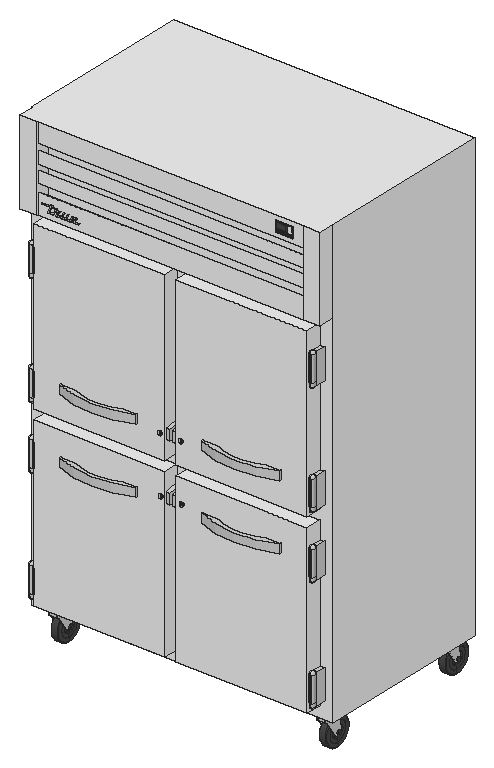
Revit family
Parameters
  Weight in Pounds = 0
  Watts = Volts * FL Amps  # 1334 W
  Volts = 115 V
  URL Cutsheet = "www.truemfg.com"
  URL = "www.truemfg.com"
  Type Mark [instance] = ""
  Type Comments = ""
  Status [instance] = ""
  Specification by User [instance] = ""
  Specification by Manufacturer = ""
  Show Seismic Flanged [instance] = no
  Show Logo [instance] = yes
  Show Legs [instance] = no
  Show Clearance [instance] = yes
  Serial Number = ""
  Seismic Rating = ""
  Seismic Plate [instance] = and(Show Seismic Flanged, not(Show Casters))  # no
  SMACNA No = ""
  Revision Code [instance] = ""
  Phase = 1
  Omniclass Number and Title = ""
  Number of Poles [instance] = 1
  NAFEM Spec ID Number = ""
  Model = "STA2DT-4HS"
  Min Ckt Ampacity = 0 A
  Max Overcurrent Protection = 0 A
  Masterspec = ""
  Manufacturer = "TRUE FOOD SERVICE EQUIPMENT, INC."
  Length = 52 5/8"
  Legs [instance] = or(Show Legs, Show Seismic Flanged)  # no
  Item Number [instance] = ""
  Installed By [instance] = ""
  Identify Quantity as Lot [instance] = yes
  Height = 77 3/4"
  HP = ""
  Furnished By [instance] = ""
  Foodservice Equipment Identifier [instance] = yes
  FL Amps = 11.6 A
  Electrical Remarks [instance] = ""
  Electric Connection Type [instance] = ""
  Elec Conn RI Height [instance] = 0"
  Elec Conn Connection Height [instance] = 0"
  Description = "Reach-in Solid Half Swing Door Dual Temperature Refrigerator/Freezer"
  Depth = 33 3/4"
  Cycle = 60 Hz
  Conn Plug = "5-20P"
  Conn Conduit = yes
  Show Casters [instance] = and(not(if(Show Legs, Show Legs, Show Legs)), not(if(Show Legs, Show Legs, Show Seismic Flanged)))  # yes
  CSI MasterFormat = ""
  CSI Master Format = ""
  Apparent Power = if(Phase = 3, Volts * FL Amps * 1.73, Volts * FL Amps)  # 1334 VA
Reference planes (in)
  plane 1 "BACK": y = 0
  plane 2: z = 0
  plane 3 "LEFT": x = 0
  plane 4 "RIGHT": x = 52.625
  plane 5 "FRONT": y = -33.75
  plane 6 "TOP": z = 84.125
  plane 7: z = 6.125
  plane 8: x = 26.3125
  plane 9: x = 3
  plane 10: x = 49.9375
  plane 11: y = -33.7042
  plane 12: x = 26.46875
Forms (in)
  Extrusion 1, solid, material "QF_Finishes_Chrome - Satin"
    sketch origin (0.05, 0, 0) x (1, 0, 0) y (0, 1, 0)
      loop
        line (-0.05, 0) -> (-0.05, -31) -> (2.35625, -31) -> (2.35625, 0) -> (-0.05, 0)
    from 6.125 to 84.125
  Extrusion 2, solid, material "QF_Finishes_Chrome - Satin"
    sketch origin (50.15, 0, 0) x (1, 0, 0) y (0, 1, 0)
      loop
        line (0.19375, 0) -> (0.19375, -31) -> (2.475, -31) -> (2.475, 0) -> (0.19375, 0)
    from 6.125 to 84.125
  Extrusion 3, solid, material "QF_Finishes_Chrome - Satin"
    sketch origin (0, 0, 0) x (0, 1, 0) y (0, 0, 1)
      loop
        line (-33.7042, 69.5) -> (-31, 69.5) -> (-31, 6.125) -> (0, 6.125) -> (0, 84.125) -> (-33.7042, 84.125) -> (-33.7042, 80.78078) -> (-31.5, 79.21352) -> (-31.5, 78.09125) -> (-33.7042, 79.65851) -> (-33.7042, 77.5248) -> (-31.5, 75.95754) -> (-31.5, 74.99678) -> (-33.7042, 76.56404) -> (-33.7042, 74.46784) -> (-31.5, 72.90057) -> (-31.5, 71.625) -> (-33.7042, 73.19226) -> (-33.7042, 69.5)
    from 2.25 to 50.375
  Extrusion 4, solid, material "QF_Finishes_Chrome - Satin"
    sketch origin (0, 0, 0) x (1, 0, 0) y (0, 1, 0)
      loop
        line (52.54687, -31) -> (49.66032, -31) -> (49.66032, -33.75) -> (52.54687, -33.75) -> (52.54687, -31)
    from 69.5 to 84.125
  Extrusion 5, solid, material "QF_Finishes_Chrome - Satin"
    sketch origin (-50.125, 0, 0.25) x (1, 0, 0) y (0, 1, 0)
      loop
        line (53.20984, -31) -> (50.20312, -31) -> (50.20312, -33.75) -> (53.20984, -33.75) -> (53.20984, -31)
    from 69.25 to 83.875
  Extrusion 6, solid, material "QF_Finishes_Chrome - Satin"
    sketch origin (0, 0, -0.71875) x (1, 0, 0) y (0, 0, 1)
      loop
        line (2.4375, 68.6875) -> (2.4375, 39.59375) -> (25.375, 39.59375) -> (25.375, 68.6875) -> (2.4375, 68.6875)
      loop
        line (50.34375, 68.6875) -> (27.40625, 68.6875) -> (27.40625, 39.59375) -> (50.34375, 39.59375) -> (50.34375, 68.6875)
      loop
        line (2.4375, 8.75) -> (25.375, 8.75) -> (25.375, 37.84375) -> (2.4375, 37.84375) -> (2.4375, 8.75)
      loop
        line (27.40625, 8.75) -> (50.34375, 8.75) -> (50.34375, 37.84375) -> (27.40625, 37.84375) -> (27.40625, 8.75)
    from 31 to 33.75
  Extrusion 7, solid, material "QF_Finishes_Handrails and Railings"
    sketch origin (85.95, -0.25, 32.09144) x (1, 0, 0) y (0, 1, 0)
      loop
        line (-53.875, -33.5) -> (-53.875, -33.7)
        arc (-53.875, -33.7) -> (-47.075, -35.14405) -> (-40.275, -33.7) r 16.7325
        line (-40.275, -33.7) -> (-40.275, -33.5) -> (-42.675, -33.5)
        arc (-42.675, -33.5) -> (-47.075, -34.65816) -> (-51.475, -33.5) r 8.93715
        line (-51.475, -33.5) -> (-53.875, -33.5)
    from 10.87731 to 12.37731
  Extrusion 8, solid, material "QF_Finishes_Handrails and Railings"
    sketch origin (1.90625, 0, 2.875) x (1, 0, 0) y (0, 0, 1)
      loop
        circle (22.6875, 40.0625) r 0.35
      loop
        line (22.65235, 40.33635) -> (22.65235, 39.76895) -> (22.70785, 39.76895) -> (22.70785, 40.33635) -> (22.65235, 40.33635)
      loop
        circle (26.3125, 40.0625) r 0.35
      loop
        line (26.34765, 40.33635) -> (26.29215, 40.33635) -> (26.29215, 39.76895) -> (26.34765, 39.76895) -> (26.34765, 40.33635)
    from 33.5 to 33.83066
  Extrusion 9, solid, material "QF_Finishes_Handrails and Railings", visible <- "Show Logo"
    sketch origin (0.33478, 1.08173, -6.73143) x (1, 0, 0) y (0, 0, 1)
      loop
        line (3.61669, 78.46231) -> (3.51103, 78.23573) -> (4.91652, 78.23573)
        arc (4.91652, 78.23573) -> (4.94504, 78.18528) -> (4.91652, 78.13484) r 0.05887
        line (4.91652, 78.13484) -> (4.54994, 77.34872)
        arc (4.54994, 77.34872) -> (4.54676, 77.27591) -> (4.596, 77.22217) r 0.09523
        line (4.596, 77.22217) -> (5.49469, 77.22217)
        arc (5.49469, 77.22217) -> (5.60817, 77.25795) -> (5.68061, 77.35235) r 0.19785
        line (5.68061, 77.35235) -> (5.9691, 77.97101) -> (6.23415, 77.97101)
        arc (6.23415, 77.97101) -> (6.30369, 77.94543) -> (6.29362, 77.87203) r 0.05911
        line (6.29362, 77.87203) -> (6.05223, 77.35437)
        arc (6.05223, 77.35437) -> (6.05599, 77.2684) -> (6.12856, 77.22217) r 0.09318
        line (6.12856, 77.22217) -> (6.91823, 77.22217)
        arc (6.91823, 77.22217) -> (6.97874, 77.24419) -> (7.01093, 77.29995) r 0.09412
        arc (7.01093, 77.29995) -> (7.03371, 77.24495) -> (7.08871, 77.22217) r 0.07778
        line (7.08871, 77.22217) -> (7.58871, 77.22217)
        arc (7.58871, 77.22217) -> (7.64647, 77.23765) -> (7.68876, 77.27993) r 0.11552
        arc (7.68876, 77.27993) -> (7.709, 77.23106) -> (7.75787, 77.21081) r 0.06912
        line (7.75787, 77.21081) -> (8.4685, 77.21081)
        arc (8.4685, 77.21081) -> (8.52659, 77.23488) -> (8.55066, 77.29297) r 0.08216
        arc (8.55066, 77.29297) -> (8.60392, 77.23972) -> (8.67667, 77.22022) r 0.14551
        line (8.67667, 77.22022) -> (10.00783, 77.22022) -> (10.15571, 77.47634) -> (8.81303, 77.47634)
        arc (8.81303, 77.47634) -> (8.77597, 77.50204) -> (8.77459, 77.54711) r 0.05009
        line (8.77459, 77.54711) -> (8.79782, 77.59692)
        arc (8.79782, 77.59692) -> (8.83348, 77.64364) -> (8.88952, 77.66135) r 0.09747
        line (8.88952, 77.66135) -> (9.3211, 77.66135)
        arc (9.3211, 77.66135) -> (9.41425, 77.68631) -> (9.48244, 77.7545) r 0.1863
        line (9.48244, 77.7545) -> (9.60744, 77.97101)
        arc (9.60744, 77.97101) -> (9.60744, 78.08657) -> (9.50736, 78.14434) r 0.11556
        line (9.50736, 78.14434) -> (9.05187, 78.14434)
        arc (9.05187, 78.14434) -> (8.93575, 78.12462) -> (8.85474, 78.03912) r 0.18605
        line (8.85474, 78.03912) -> (8.63829, 77.57493)
        arc (8.63829, 77.57493) -> (8.5744, 77.49167) -> (8.47431, 77.46011) r 0.1745
        line (8.47431, 77.46011) -> (8.00184, 77.46011)
        arc (8.00184, 77.46011) -> (7.94528, 77.52184) -> (7.94893, 77.60548) r 0.10939
        line (7.94893, 77.60548) -> (8.2002, 78.14434) -> (8.04028, 78.14434) -> (7.77406, 77.57344)
        arc (7.77406, 77.57344) -> (7.72234, 77.50603) -> (7.6413, 77.48048) r 0.14128
        line (7.6413, 77.48048) -> (7.3155, 77.48048)
        arc (7.3155, 77.48048) -> (7.26044, 77.55223) -> (7.27225, 77.64189) r 0.11816
        line (7.27225, 77.64189) -> (7.50655, 78.14434) -> (7.34139, 78.14434) -> (7.07171, 77.566)
        arc (7.07171, 77.566) -> (7.0091, 77.50339) -> (6.92358, 77.48048) r 0.17104
        line (6.92358, 77.48048) -> (6.4518, 77.48048)
        arc (6.4518, 77.48048) -> (6.36707, 77.51999) -> (6.35892, 77.61313) r 0.0935
        line (6.35892, 77.61313) -> (6.51399, 77.94569) -> (6.7332, 77.94569)
        arc (6.7332, 77.94569) -> (6.7702, 78.05717) -> (6.84892, 78.14434) r 0.2857
        line (6.84892, 78.14434) -> (5.9923, 78.14434)
        arc (5.9923, 78.14434) -> (5.89711, 78.12324) -> (5.83123, 78.05135) r 0.16212
        line (5.83123, 78.05135) -> (5.59904, 77.55341)
        arc (5.59904, 77.55341) -> (5.54565, 77.50002) -> (5.47272, 77.48048) r 0.14586
        line (5.47272, 77.48048) -> (4.96131, 77.48048)
        arc (4.96131, 77.48048) -> (4.92139, 77.53442) -> (4.92899, 77.60109) r 0.09155
        line (4.92899, 77.60109) -> (5.26643, 78.23573) -> (6.1178, 78.23573) -> (6.22346, 78.46231) -> (5.37209, 78.46231) -> (5.47774, 78.68888) -> (5.17487, 78.68888) -> (5.06922, 78.46231) -> (3.61669, 78.46231)
      loop
        arc (8.9943, 77.93863) -> (8.95744, 77.92875) -> (8.93045, 77.90176) r 0.07373
        line (8.93045, 77.90176) -> (8.90854, 77.83436)
        arc (8.90854, 77.83436) -> (8.9187, 77.80983) -> (8.94324, 77.79966) r 0.0347
        line (8.94324, 77.79966) -> (9.31573, 77.79966)
        arc (9.31573, 77.79966) -> (9.34257, 77.80561) -> (9.36437, 77.82234) r 0.0635
        line (9.36437, 77.82234) -> (9.38249, 77.90622)
        arc (9.38249, 77.90622) -> (9.37716, 77.92868) -> (9.35634, 77.93863) r 0.02676
        line (9.35634, 77.93863) -> (8.9943, 77.93863)
    from 34.76797 to 34.83173
  Extrusion 10, solid
    sketch origin (0, 0, 0) x (1, 0, 0) y (0, 0, 1)
      loop
        circle (49.53125, 82) r 0.25
    from 0 to 0.0625
  Extrusion 11, solid, material "QF_Finishes_Handrails and Railings"
    sketch origin (-33.16875, -0.25, 32.09144) x (1, 0, 0) y (0, 1, 0)
      loop
        line (53.71875, -33.5) -> (51.31875, -33.5)
        arc (51.31875, -33.5) -> (47.075, -34.58228) -> (42.83125, -33.5) r 8.86127
        line (42.83125, -33.5) -> (40.43125, -33.5) -> (40.43125, -33.7)
        arc (40.43125, -33.7) -> (47.075, -35.08117) -> (53.71875, -33.7) r 16.66961
        line (53.71875, -33.7) -> (53.71875, -33.5)
    from 10.87731 to 12.37731
  Blend 12, solid, material "QF_Finishes_Handrails and Railings"
    base sketch origin (0.125, 0, 4.875) x (1, 0, 0) y (0, 0, 1)
      loop
        line (25.25, 38.99169) -> (25.25, 37.24169) -> (26, 37.24169) -> (26, 38.99169) -> (25.25, 38.99169)
    top sketch origin (0.125, 0, 4.875) x (1, 0, 0) y (0, 0, 1)
      loop
        line (26.18223, 36.6441) -> (26.18223, 39.42643) -> (25.25, 39.42643) -> (25.25, 36.6441) -> (26.18223, 36.6441)
    from 33.57883 to 31
  Blend 13, solid, material "QF_Finishes_Handrails and Railings"
    base sketch origin (52.65625, 0, 4.875) x (-1, 0, 0) y (0, 0, -1)
      loop
        line (25.25, -38.99169) -> (26, -38.99169) -> (26, -37.24169) -> (25.25, -37.24169) -> (25.25, -38.99169)
    top sketch origin (52.65625, 0, 4.875) x (-1, 0, 0) y (0, 0, -1)
      loop
        line (26.18223, -36.6441) -> (25.25, -36.6441) -> (25.25, -39.42643) -> (26.18223, -39.42643) -> (26.18223, -36.6441)
    from 33.57883 to 31
  Extrusion 14, solid, material "QF_Finishes_Handrails and Railings"
    sketch origin (1.28125, 0, 0) x (0, 1, 0) y (0, 0, 1)
      loop
        line (-31, 64.55229) -> (-32.61044, 64.55229)
        arc (-32.61044, 64.55229) -> (-32.75506, 64.49238) -> (-32.81497, 64.34776) r 0.20453
        line (-32.81497, 64.34776) -> (-32.81497, 59.94848) -> (-33.25, 59.94848) -> (-33.25, 59.23627) -> (-31, 59.23627) -> (-31, 64.55229)
    from 0.17506 to 1
  Revolve 15, solid, material "QF_Finishes_Handrails and Railings"
    sketch origin (1.78125, 0, 0) x (0, 1, 0) y (0, 0, 1)
      loop
        line (-33.26563, 60.00189) -> (-33.26563, 64.81483)
        arc (-33.26563, 64.81483) -> (-33.53722, 64.72557) -> (-33.67229, 64.4736) r 0.3848
        line (-33.67229, 64.4736) -> (-33.67229, 60.00189) -> (-33.26563, 60.00189)
      loop
        line (-33.26563, 59.94848) -> (-33.67229, 59.94848) -> (-33.67229, 59.37712)
        arc (-33.67229, 59.37712) -> (-33.53264, 59.13383) -> (-33.26563, 59.04781) r 0.38884
        line (-33.26563, 59.04781) -> (-33.26563, 59.94848)
      axis (-33.26563, 59.04781) -> (-33.26563, 64.81483)
    angle from 0 to 360
  Extrusion 16, solid, material "QF_Finishes_Handrails and Railings"
    sketch origin (-0.03125, 0, 0) x (1, 0, 0) y (0, 0, 1)
      loop
        line (2.07116, 64.4736) -> (2.07116, 60.00079) -> (2.46875, 60.00079) -> (2.46875, 64.4736) -> (2.07116, 64.4736)
    from 32.81497 to 33.59495
  Extrusion 17, solid, material "QF_Finishes_Handrails and Railings"
    sketch origin (1.28125, 0, -19.5) x (0, 1, 0) y (0, 0, 1)
      loop
        line (-31, 64.55229) -> (-32.61044, 64.55229)
        arc (-32.61044, 64.55229) -> (-32.75506, 64.49238) -> (-32.81497, 64.34776) r 0.20453
        line (-32.81497, 64.34776) -> (-32.81497, 59.94848) -> (-33.25, 59.94848) -> (-33.25, 59.23627) -> (-31, 59.23627) -> (-31, 64.55229)
    from 0.17506 to 1
  Revolve 18, solid, material "QF_Finishes_Handrails and Railings"
    sketch origin (1.78125, 0, -19.5) x (0, 1, 0) y (0, 0, 1)
      loop
        line (-33.26563, 60.00189) -> (-33.26563, 64.81483)
        arc (-33.26563, 64.81483) -> (-33.53722, 64.72557) -> (-33.67229, 64.4736) r 0.3848
        line (-33.67229, 64.4736) -> (-33.67229, 60.00189) -> (-33.26563, 60.00189)
      loop
        line (-33.26563, 59.94848) -> (-33.67229, 59.94848) -> (-33.67229, 59.37712)
        arc (-33.67229, 59.37712) -> (-33.53264, 59.13383) -> (-33.26563, 59.04781) r 0.38884
        line (-33.26563, 59.04781) -> (-33.26563, 59.94848)
      axis (-33.26563, 59.04781) -> (-33.26563, 64.81483)
    angle from 0 to 360
  Extrusion 19, solid, material "QF_Finishes_Handrails and Railings"
    sketch origin (-0.03125, 0, -19.5) x (1, 0, 0) y (0, 0, 1)
      loop
        line (2.07116, 64.4736) -> (2.07116, 60.00079) -> (2.46875, 60.00079) -> (2.46875, 64.4736) -> (2.07116, 64.4736)
    from 32.81497 to 33.59495
  Extrusion 20, solid, material "QF_Finishes_Handrails and Railings"
    sketch origin (1.28125, 0, -30.5) x (0, 1, 0) y (0, 0, 1)
      loop
        line (-31, 64.55229) -> (-32.61044, 64.55229)
        arc (-32.61044, 64.55229) -> (-32.75506, 64.49238) -> (-32.81497, 64.34776) r 0.20453
        line (-32.81497, 64.34776) -> (-32.81497, 59.94848) -> (-33.25, 59.94848) -> (-33.25, 59.23627) -> (-31, 59.23627) -> (-31, 64.55229)
    from 0.17506 to 1
  Revolve 21, solid, material "QF_Finishes_Handrails and Railings"
    sketch origin (1.78125, 0, -30.5) x (0, 1, 0) y (0, 0, 1)
      loop
        line (-33.26563, 60.00189) -> (-33.26563, 64.81483)
        arc (-33.26563, 64.81483) -> (-33.53722, 64.72557) -> (-33.67229, 64.4736) r 0.3848
        line (-33.67229, 64.4736) -> (-33.67229, 60.00189) -> (-33.26563, 60.00189)
      loop
        line (-33.26563, 59.94848) -> (-33.67229, 59.94848) -> (-33.67229, 59.37712)
        arc (-33.67229, 59.37712) -> (-33.53264, 59.13383) -> (-33.26563, 59.04781) r 0.38884
        line (-33.26563, 59.04781) -> (-33.26563, 59.94848)
      axis (-33.26563, 59.04781) -> (-33.26563, 64.81483)
    angle from 0 to 360
  Extrusion 22, solid, material "QF_Finishes_Handrails and Railings"
    sketch origin (-0.03125, 0, -30.5) x (1, 0, 0) y (0, 0, 1)
      loop
        line (2.07116, 64.4736) -> (2.07116, 60.00079) -> (2.46875, 60.00079) -> (2.46875, 64.4736) -> (2.07116, 64.4736)
    from 32.81497 to 33.59495
  Extrusion 23, solid, material "QF_Finishes_Handrails and Railings"
    sketch origin (1.28125, 0, -50.25) x (0, 1, 0) y (0, 0, 1)
      loop
        line (-31, 64.55229) -> (-32.61044, 64.55229)
        arc (-32.61044, 64.55229) -> (-32.75506, 64.49238) -> (-32.81497, 64.34776) r 0.20453
        line (-32.81497, 64.34776) -> (-32.81497, 59.94848) -> (-33.25, 59.94848) -> (-33.25, 59.23627) -> (-31, 59.23627) -> (-31, 64.55229)
    from 0.17506 to 1
  Revolve 24, solid, material "QF_Finishes_Handrails and Railings"
    sketch origin (1.78125, 0, -50.25) x (0, 1, 0) y (0, 0, 1)
      loop
        line (-33.26563, 60.00189) -> (-33.26563, 64.81483)
        arc (-33.26563, 64.81483) -> (-33.53722, 64.72557) -> (-33.67229, 64.4736) r 0.3848
        line (-33.67229, 64.4736) -> (-33.67229, 60.00189) -> (-33.26563, 60.00189)
      loop
        line (-33.26563, 59.94848) -> (-33.67229, 59.94848) -> (-33.67229, 59.37712)
        arc (-33.67229, 59.37712) -> (-33.53264, 59.13383) -> (-33.26563, 59.04781) r 0.38884
        line (-33.26563, 59.04781) -> (-33.26563, 59.94848)
      axis (-33.26563, 59.04781) -> (-33.26563, 64.81483)
    angle from 0 to 360
  Extrusion 25, solid, material "QF_Finishes_Handrails and Railings"
    sketch origin (-0.03125, 0, -50.25) x (1, 0, 0) y (0, 0, 1)
      loop
        line (2.07116, 64.4736) -> (2.07116, 60.00079) -> (2.46875, 60.00079) -> (2.46875, 64.4736) -> (2.07116, 64.4736)
    from 32.81497 to 33.59495
  Extrusion 26, solid, material "QF_Finishes_Handrails and Railings"
    sketch origin (51.34375, 0, 0) x (0, 1, 0) y (0, 0, -1)
      loop
        line (-31, -64.55229) -> (-31, -59.23627) -> (-33.25, -59.23627) -> (-33.25, -59.94848) -> (-32.81497, -59.94848) -> (-32.81497, -64.34776)
        arc (-32.81497, -64.34776) -> (-32.75506, -64.49238) -> (-32.61044, -64.55229) r 0.20453
        line (-32.61044, -64.55229) -> (-31, -64.55229)
    from 0.17506 to 1
  Revolve 27, solid, material "QF_Finishes_Handrails and Railings"
    sketch origin (50.84375, 0, 0) x (0, 1, 0) y (0, 0, -1)
      loop
        line (-33.26563, -60.00189) -> (-33.67229, -60.00189) -> (-33.67229, -64.4736)
        arc (-33.67229, -64.4736) -> (-33.53722, -64.72557) -> (-33.26563, -64.81483) r 0.3848
        line (-33.26563, -64.81483) -> (-33.26563, -60.00189)
      loop
        line (-33.26563, -59.94848) -> (-33.26563, -59.04781)
        arc (-33.26563, -59.04781) -> (-33.53264, -59.13383) -> (-33.67229, -59.37712) r 0.38884
        line (-33.67229, -59.37712) -> (-33.67229, -59.94848) -> (-33.26563, -59.94848)
      axis (-33.26563, -59.04781) -> (-33.26563, -64.81483)
    angle from 0 to 360
  Extrusion 28, solid, material "QF_Finishes_Handrails and Railings"
    sketch origin (52.65625, 0, 0) x (-1, 0, 0) y (0, 0, -1)
      loop
        line (1.75866, -64.4736) -> (2.15625, -64.4736) -> (2.15625, -60.00079) -> (1.75866, -60.00079) -> (1.75866, -64.4736)
    from 32.81497 to 33.59495
  Extrusion 29, solid, material "QF_Finishes_Handrails and Railings"
    sketch origin (51.34375, 0, -19.5) x (0, 1, 0) y (0, 0, -1)
      loop
        line (-31, -64.55229) -> (-31, -59.23627) -> (-33.25, -59.23627) -> (-33.25, -59.94848) -> (-32.81497, -59.94848) -> (-32.81497, -64.34776)
        arc (-32.81497, -64.34776) -> (-32.75506, -64.49238) -> (-32.61044, -64.55229) r 0.20453
        line (-32.61044, -64.55229) -> (-31, -64.55229)
    from 0.17506 to 1
  Revolve 30, solid, material "QF_Finishes_Handrails and Railings"
    sketch origin (50.84375, 0, -19.5) x (0, 1, 0) y (0, 0, -1)
      loop
        line (-33.26563, -60.00189) -> (-33.67229, -60.00189) -> (-33.67229, -64.4736)
        arc (-33.67229, -64.4736) -> (-33.53722, -64.72557) -> (-33.26563, -64.81483) r 0.3848
        line (-33.26563, -64.81483) -> (-33.26563, -60.00189)
      loop
        line (-33.26563, -59.94848) -> (-33.26563, -59.04781)
        arc (-33.26563, -59.04781) -> (-33.53264, -59.13383) -> (-33.67229, -59.37712) r 0.38884
        line (-33.67229, -59.37712) -> (-33.67229, -59.94848) -> (-33.26563, -59.94848)
      axis (-33.26563, -59.04781) -> (-33.26563, -64.81483)
    angle from 0 to 360
  Extrusion 31, solid, material "QF_Finishes_Handrails and Railings"
    sketch origin (52.65625, 0, -19.5) x (-1, 0, 0) y (0, 0, -1)
      loop
        line (1.75866, -64.4736) -> (2.15625, -64.4736) -> (2.15625, -60.00079) -> (1.75866, -60.00079) -> (1.75866, -64.4736)
    from 32.81497 to 33.59495
  Extrusion 32, solid, material "QF_Finishes_Handrails and Railings"
    sketch origin (51.34375, 0, -30.5) x (0, 1, 0) y (0, 0, -1)
      loop
        line (-31, -64.55229) -> (-31, -59.23627) -> (-33.25, -59.23627) -> (-33.25, -59.94848) -> (-32.81497, -59.94848) -> (-32.81497, -64.34776)
        arc (-32.81497, -64.34776) -> (-32.75506, -64.49238) -> (-32.61044, -64.55229) r 0.20453
        line (-32.61044, -64.55229) -> (-31, -64.55229)
    from 0.17506 to 1
  Revolve 33, solid, material "QF_Finishes_Handrails and Railings"
    sketch origin (50.84375, 0, -30.5) x (0, 1, 0) y (0, 0, -1)
      loop
        line (-33.26563, -60.00189) -> (-33.67229, -60.00189) -> (-33.67229, -64.4736)
        arc (-33.67229, -64.4736) -> (-33.53722, -64.72557) -> (-33.26563, -64.81483) r 0.3848
        line (-33.26563, -64.81483) -> (-33.26563, -60.00189)
      loop
        line (-33.26563, -59.94848) -> (-33.26563, -59.04781)
        arc (-33.26563, -59.04781) -> (-33.53264, -59.13383) -> (-33.67229, -59.37712) r 0.38884
        line (-33.67229, -59.37712) -> (-33.67229, -59.94848) -> (-33.26563, -59.94848)
      axis (-33.26563, -59.04781) -> (-33.26563, -64.81483)
    angle from 0 to 360
  Extrusion 34, solid, material "QF_Finishes_Handrails and Railings"
    sketch origin (52.65625, 0, -30.5) x (-1, 0, 0) y (0, 0, -1)
      loop
        line (1.75866, -64.4736) -> (2.15625, -64.4736) -> (2.15625, -60.00079) -> (1.75866, -60.00079) -> (1.75866, -64.4736)
    from 32.81497 to 33.59495
  Extrusion 35, solid, material "QF_Finishes_Handrails and Railings"
    sketch origin (51.34375, 0, -50.25) x (0, 1, 0) y (0, 0, -1)
      loop
        line (-31, -64.55229) -> (-31, -59.23627) -> (-33.25, -59.23627) -> (-33.25, -59.94848) -> (-32.81497, -59.94848) -> (-32.81497, -64.34776)
        arc (-32.81497, -64.34776) -> (-32.75506, -64.49238) -> (-32.61044, -64.55229) r 0.20453
        line (-32.61044, -64.55229) -> (-31, -64.55229)
    from 0.17506 to 1
  Revolve 36, solid, material "QF_Finishes_Handrails and Railings"
    sketch origin (50.84375, 0, -50.25) x (0, 1, 0) y (0, 0, -1)
      loop
        line (-33.26563, -60.00189) -> (-33.67229, -60.00189) -> (-33.67229, -64.4736)
        arc (-33.67229, -64.4736) -> (-33.53722, -64.72557) -> (-33.26563, -64.81483) r 0.3848
        line (-33.26563, -64.81483) -> (-33.26563, -60.00189)
      loop
        line (-33.26563, -59.94848) -> (-33.26563, -59.04781)
        arc (-33.26563, -59.04781) -> (-33.53264, -59.13383) -> (-33.67229, -59.37712) r 0.38884
        line (-33.67229, -59.37712) -> (-33.67229, -59.94848) -> (-33.26563, -59.94848)
      axis (-33.26563, -59.04781) -> (-33.26563, -64.81483)
    angle from 0 to 360
  Extrusion 37, solid, material "QF_Finishes_Handrails and Railings"
    sketch origin (52.65625, 0, -50.25) x (-1, 0, 0) y (0, 0, -1)
      loop
        line (1.75866, -64.4736) -> (2.15625, -64.4736) -> (2.15625, -60.00079) -> (1.75866, -60.00079) -> (1.75866, -64.4736)
    from 32.81497 to 33.59495
  Revolve 38, solid, material "QF_Finishes_Black", visible <- "Show Casters"
    sketch origin (47.78125, -27.375, 0) x (1, 0, 0) y (0, 0, 1)
      loop
        line (1.63125, 5) -> (1.53125, 4.9) -> (1.53125, 4.29941) -> (1.69226, 4.29941) -> (1.69226, 3.54941) -> (1.53125, 3.54941) -> (1.53125, 2.79941) -> (1.13125, 2.79941) -> (1.13125, 2.5) -> (3.18125, 2.5) -> (3.18125, 2.79941) -> (2.78533, 2.79941) -> (2.78533, 3.54941) -> (2.62024, 3.54941) -> (2.62024, 4.29941) -> (2.78533, 4.29941) -> (2.78533, 4.89592) -> (2.68125, 5) -> (1.63125, 5)
      axis (3.18125, 2.5) -> (1.13125, 2.5)
    angle from 0 to 360
  Extrusion 39, solid, material "QF_Finishes_Handrails and Railings", visible <- "Show Casters"
    sketch origin (47.78125, 0, 0) x (0, 1, 0) y (0, 0, 1)
      loop
        line (-29.95136, 5.48574) -> (-29.95136, 4.88089) -> (-29.70136, 4.88089) -> (-27.95216, 2.18736)
        arc (-27.95216, 2.18736) -> (-27.23883, 1.94868) -> (-26.84581, 2.59003) r 0.60416
        line (-26.84581, 2.59003) -> (-27.20136, 5.48574) -> (-29.95136, 5.48574)
      loop
        line (-3.8577, 5.48574) -> (-3.8577, 4.88089) -> (-3.6077, 4.88089) -> (-1.8585, 2.18736)
        arc (-1.8585, 2.18736) -> (-1.14517, 1.94868) -> (-0.75215, 2.59003) r 0.60416
        line (-0.75215, 2.59003) -> (-1.1077, 5.48574) -> (-3.8577, 5.48574)
    from 1.175 to 1.325
  Extrusion 40, solid, material "QF_Finishes_Handrails and Railings", visible <- "Show Casters"
    sketch origin (49.28125, 0, 0) x (0, 1, 0) y (0, 0, 1)
      loop
        line (-29.95136, 5.48574) -> (-29.95136, 4.88089) -> (-29.70136, 4.88089) -> (-27.95216, 2.18736)
        arc (-27.95216, 2.18736) -> (-27.23883, 1.94868) -> (-26.84581, 2.59003) r 0.60416
        line (-26.84581, 2.59003) -> (-27.20136, 5.48574) -> (-29.95136, 5.48574)
      loop
        line (-3.8577, 5.48574) -> (-3.8577, 4.88089) -> (-3.6077, 4.88089) -> (-1.8585, 2.18736)
        arc (-1.8585, 2.18736) -> (-1.14517, 1.94868) -> (-0.75215, 2.59003) r 0.60416
        line (-0.75215, 2.59003) -> (-1.1077, 5.48574) -> (-3.8577, 5.48574)
    from 1.175 to 1.325
  Revolve 41, solid, material "QF_Finishes_Chrome - Satin", visible <- "Show Casters"
    sketch origin (47.78125, -28.5625, -0.5) x (1, 0, 0) y (0, 0, 1)
      loop
        line (2.15625, 5.99546) -> (2.15625, 6.62359) -> (0.85918, 6.62359) -> (0.85918, 5.99546) -> (2.15625, 5.99546)
      axis (2.15625, 5.99546) -> (2.15625, 6.62359)
    angle from 0 to 360
  Revolve 42, solid, material "QF_Finishes_Chrome - Satin", visible <- "Legs"
    sketch origin (47.78125, -2.69102, 0) x (1, 0, 0) y (0, 0, 1)
      loop
        line (2.15625, 6.125) -> (0.82287, 6.125) -> (1.40625, 1) -> (1.65625, 1) -> (1.65625, 0) -> (2.15625, 0) -> (2.15625, 6.125)
      axis (2.15625, 0) -> (2.15625, 6.125)
    angle from 0 to 360
  Revolve 43, solid, material "QF_Finishes_Chrome - Satin", visible <- "Legs"
    sketch origin (47.78125, -28.65977, 0) x (1, 0, 0) y (0, 0, 1)
      loop
        line (2.15625, 6.125) -> (0.82287, 6.125) -> (1.40625, 1) -> (1.65625, 1) -> (1.65625, 0) -> (2.15625, 0) -> (2.15625, 6.125)
      axis (2.15625, 0) -> (2.15625, 6.125)
    angle from 0 to 360
  Revolve 44, solid, material "QF_Finishes_Chrome - Satin", visible <- "Show Casters"
    sketch origin (47.78125, -2.70321, -0.5) x (1, 0, 0) y (0, 0, 1)
      loop
        line (2.15625, 5.99546) -> (2.15625, 6.62359) -> (0.85918, 6.62359) -> (0.85918, 5.99546) -> (2.15625, 5.99546)
      axis (2.15625, 5.99546) -> (2.15625, 6.62359)
    angle from 0 to 360
  Extrusion 45, solid, material "QF_Finishes_Handrails and Railings", visible <- "Show Casters"
    sketch origin (0, 0, 0) x (0, 1, 0) y (0, 0, 1)
      loop
        line (-29.95136, 5.48574) -> (-29.95136, 4.88089) -> (-29.70136, 4.88089) -> (-27.16533, 5.19227) -> (-27.20136, 5.48574) -> (-29.95136, 5.48574)
      loop
        line (-3.8577, 5.48574) -> (-3.8577, 4.88089) -> (-3.6077, 4.88089) -> (-1.07167, 5.19227) -> (-1.1077, 5.48574) -> (-3.8577, 5.48574)
    from 49.10625 to 50.45625
  Revolve 46, solid, material "QF_Finishes_Black", visible <- "Show Casters"
    sketch origin (47.78125, -1.21875, 0) x (1, 0, 0) y (0, 0, 1)
      loop
        line (1.63125, 5) -> (1.53125, 4.9) -> (1.53125, 4.29941) -> (1.69226, 4.29941) -> (1.69226, 3.54941) -> (1.53125, 3.54941) -> (1.53125, 2.79941) -> (1.13125, 2.79941) -> (1.13125, 2.5) -> (3.18125, 2.5) -> (3.18125, 2.79941) -> (2.78533, 2.79941) -> (2.78533, 3.54941) -> (2.62024, 3.54941) -> (2.62024, 4.29941) -> (2.78533, 4.29941) -> (2.78533, 4.89592) -> (2.68125, 5) -> (1.63125, 5)
      axis (3.18125, 2.5) -> (1.13125, 2.5)
    angle from 0 to 360
  Revolve 47, solid, material "QF_Finishes_Black", visible <- "Show Casters"
    sketch origin (0.84375, -27.375, 0) x (1, 0, 0) y (0, 0, 1)
      loop
        line (1.63125, 5) -> (1.53125, 4.9) -> (1.53125, 4.29941) -> (1.69226, 4.29941) -> (1.69226, 3.54941) -> (1.53125, 3.54941) -> (1.53125, 2.79941) -> (0.975, 2.79941) -> (0.975, 2.5) -> (3.18125, 2.5) -> (3.18125, 2.79941) -> (2.78533, 2.79941) -> (2.78533, 3.54941) -> (2.62024, 3.54941) -> (2.62024, 4.29941) -> (2.78533, 4.29941) -> (2.78533, 4.89592) -> (2.68125, 5) -> (1.63125, 5)
      axis (3.18125, 2.5) -> (0.975, 2.5)
    angle from 0 to 360
  Extrusion 48, solid, material "QF_Finishes_Handrails and Railings", visible <- "Show Casters"
    sketch origin (0.84375, 0, 0) x (0, 1, 0) y (0, 0, 1)
      loop
        line (-29.95136, 5.48574) -> (-29.95136, 4.88089) -> (-29.70136, 4.88089) -> (-27.95216, 2.18736)
        arc (-27.95216, 2.18736) -> (-27.23883, 1.94868) -> (-26.84581, 2.59003) r 0.60416
        line (-26.84581, 2.59003) -> (-27.20136, 5.48574) -> (-29.95136, 5.48574)
      loop
        line (-3.8577, 5.48574) -> (-3.8577, 4.88089) -> (-3.6077, 4.88089) -> (-1.8585, 2.18736)
        arc (-1.8585, 2.18736) -> (-1.14517, 1.94868) -> (-0.75215, 2.59003) r 0.60416
        line (-0.75215, 2.59003) -> (-1.1077, 5.48574) -> (-3.8577, 5.48574)
    from 1.175 to 1.325
  Extrusion 49, solid, material "QF_Finishes_Handrails and Railings", visible <- "Show Casters"
    sketch origin (2.34375, 0, 0) x (0, 1, 0) y (0, 0, 1)
      loop
        line (-29.95136, 5.48574) -> (-29.95136, 4.88089) -> (-29.70136, 4.88089) -> (-27.95216, 2.18736)
        arc (-27.95216, 2.18736) -> (-27.23883, 1.94868) -> (-26.84581, 2.59003) r 0.60416
        line (-26.84581, 2.59003) -> (-27.20136, 5.48574) -> (-29.95136, 5.48574)
      loop
        line (-3.8577, 5.48574) -> (-3.8577, 4.88089) -> (-3.6077, 4.88089) -> (-1.8585, 2.18736)
        arc (-1.8585, 2.18736) -> (-1.14517, 1.94868) -> (-0.75215, 2.59003) r 0.60416
        line (-0.75215, 2.59003) -> (-1.1077, 5.48574) -> (-3.8577, 5.48574)
    from 1.175 to 1.325
  Revolve 50, solid, material "QF_Finishes_Chrome - Satin", visible <- "Show Casters"
    sketch origin (0.84375, -28.5625, -0.5) x (1, 0, 0) y (0, 0, 1)
      loop
        line (2.15625, 5.99546) -> (2.15625, 6.62359) -> (0.85918, 6.62359) -> (0.85918, 5.99546) -> (2.15625, 5.99546)
      axis (2.15625, 5.99546) -> (2.15625, 6.62359)
    angle from 0 to 360
  Revolve 51, solid, material "QF_Finishes_Chrome - Satin", visible <- "Legs"
    sketch origin (0.84375, -2.69102, 0) x (1, 0, 0) y (0, 0, 1)
      loop
        line (2.15625, 6.125) -> (0.82287, 6.125) -> (1.40625, 1) -> (1.65625, 1) -> (1.65625, 0) -> (2.15625, 0) -> (2.15625, 6.125)
      axis (2.15625, 0) -> (2.15625, 6.125)
    angle from 0 to 360
  Revolve 52, solid, material "QF_Finishes_Chrome - Satin", visible <- "Legs"
    sketch origin (0.84375, -28.65977, 0) x (1, 0, 0) y (0, 0, 1)
      loop
        line (2.15625, 6.125) -> (0.82287, 6.125) -> (1.40625, 1) -> (1.65625, 1) -> (1.65625, 0) -> (2.15625, 0) -> (2.15625, 6.125)
      axis (2.15625, 0) -> (2.15625, 6.125)
    angle from 0 to 360
  Revolve 53, solid, material "QF_Finishes_Chrome - Satin", visible <- "Show Casters"
    sketch origin (0.84375, -2.70321, -0.5) x (1, 0, 0) y (0, 0, 1)
      loop
        line (2.15625, 5.99546) -> (2.15625, 6.62359) -> (0.85918, 6.62359) -> (0.85918, 5.99546) -> (2.15625, 5.99546)
      axis (2.15625, 5.99546) -> (2.15625, 6.62359)
    angle from 0 to 360
  Extrusion 54, solid, material "QF_Finishes_Handrails and Railings", visible <- "Show Casters"
    sketch origin (-46.9375, 0, 0) x (0, 1, 0) y (0, 0, 1)
      loop
        line (-29.95136, 5.48574) -> (-29.95136, 4.88089) -> (-29.70136, 4.88089) -> (-27.16533, 5.19227) -> (-27.20136, 5.48574) -> (-29.95136, 5.48574)
      loop
        line (-3.8577, 5.48574) -> (-3.8577, 4.88089) -> (-3.6077, 4.88089) -> (-1.07167, 5.19227) -> (-1.1077, 5.48574) -> (-3.8577, 5.48574)
    from 49.10625 to 50.45625
  Revolve 55, solid, material "QF_Finishes_Black", visible <- "Show Casters"
    sketch origin (0.84375, -1.21875, 0) x (1, 0, 0) y (0, 0, 1)
      loop
        line (1.63125, 5) -> (1.53125, 4.9) -> (1.53125, 4.29941) -> (1.69226, 4.29941) -> (1.69226, 3.54941) -> (1.53125, 3.54941) -> (1.53125, 2.79941) -> (0.975, 2.79941) -> (0.975, 2.5) -> (3.18125, 2.5) -> (3.18125, 2.79941) -> (2.78533, 2.79941) -> (2.78533, 3.54941) -> (2.62024, 3.54941) -> (2.62024, 4.29941) -> (2.78533, 4.29941) -> (2.78533, 4.89592) -> (2.68125, 5) -> (1.63125, 5)
      axis (3.18125, 2.5) -> (0.975, 2.5)
    angle from 0 to 360
  Extrusion 56, solid, material "QF_Finishes_White"
    sketch origin (1.49925, 1.06376, 1.58022) x (1, 0, 0) y (0, 0, 1)
      loop
        line (43.31732, 81.73227) -> (43.31732, 79.98496) -> (46.22357, 79.98496) -> (46.22357, 81.73227) -> (43.31732, 81.73227)
    from 34.75 to 34.76797
  Extrusion 57, solid, material "QF_Finishes_Black"
    sketch origin (1.49925, 1.06376, 1.58022) x (1, 0, 0) y (0, 0, 1)
      loop
        line (46.28607, 81.79477) -> (43.25482, 81.79477) -> (43.25482, 79.92246) -> (46.28607, 79.92246) -> (46.28607, 81.79477)
      loop
        spline (43.45482, 80.25372) -> (43.46333, 80.23754) -> (43.48831, 80.22247) -> (43.52804, 80.20952) -> (43.57982, 80.19959) -> (43.64011, 80.19335) -> (43.70482, 80.19122) -> (43.76952, 80.19335) -> (43.82982, 80.19959) -> (43.88159, 80.20952) -> (43.92132, 80.22247) -> (43.9463, 80.23754) -> (43.95482, 80.25372)
        spline (43.95482, 80.25372) -> (43.9463, 80.26989) -> (43.92132, 80.28497) -> (43.88159, 80.29791) -> (43.82982, 80.30784) -> (43.76952, 80.31409) -> (43.70482, 80.31622) -> (43.64011, 80.31409) -> (43.57982, 80.30784) -> (43.52804, 80.29791) -> (43.48831, 80.28497) -> (43.46333, 80.26989) -> (43.45482, 80.25372)
      loop
        spline (44.15083, 80.25372) -> (44.15935, 80.23754) -> (44.18432, 80.22247) -> (44.22405, 80.20952) -> (44.27583, 80.19959) -> (44.33612, 80.19335) -> (44.40083, 80.19122) -> (44.46553, 80.19335) -> (44.52583, 80.19959) -> (44.57761, 80.20952) -> (44.61734, 80.22247) -> (44.64231, 80.23754) -> (44.65083, 80.25372)
        spline (44.65083, 80.25372) -> (44.64231, 80.26989) -> (44.61734, 80.28497) -> (44.57761, 80.29791) -> (44.52583, 80.30784) -> (44.46553, 80.31409) -> (44.40083, 80.31622) -> (44.33612, 80.31409) -> (44.27583, 80.30784) -> (44.22405, 80.29791) -> (44.18432, 80.28497) -> (44.15935, 80.26989) -> (44.15083, 80.25372)
      loop
        spline (44.90083, 80.25372) -> (44.90935, 80.23754) -> (44.93432, 80.22247) -> (44.97405, 80.20952) -> (45.02583, 80.19959) -> (45.08612, 80.19335) -> (45.15083, 80.19122) -> (45.21553, 80.19335) -> (45.27583, 80.19959) -> (45.32761, 80.20952) -> (45.36734, 80.22247) -> (45.39231, 80.23754) -> (45.40083, 80.25372)
        spline (45.40083, 80.25372) -> (45.39231, 80.26989) -> (45.36734, 80.28497) -> (45.32761, 80.29791) -> (45.27583, 80.30784) -> (45.21553, 80.31409) -> (45.15083, 80.31622) -> (45.08612, 80.31409) -> (45.02583, 80.30784) -> (44.97405, 80.29791) -> (44.93432, 80.28497) -> (44.90935, 80.26989) -> (44.90083, 80.25372)
      loop
        line (43.45481, 81.59478) -> (43.45481, 80.59478) -> (45.15433, 80.59478) -> (45.15433, 81.59478) -> (43.45481, 81.59478)
      loop
        line (46.22357, 81.73227) -> (43.31732, 81.73227) -> (43.31732, 79.98496) -> (46.22357, 79.98496) -> (46.22357, 81.73227)
      loop
        spline (45.65083, 80.25372) -> (45.65935, 80.23754) -> (45.68432, 80.22247) -> (45.72405, 80.20952) -> (45.77583, 80.19959) -> (45.83612, 80.19335) -> (45.90083, 80.19122) -> (45.96553, 80.19335) -> (46.02583, 80.19959) -> (46.07761, 80.20952) -> (46.11734, 80.22247) -> (46.14231, 80.23754) -> (46.15083, 80.25372)
        spline (46.15083, 80.25372) -> (46.14231, 80.26989) -> (46.11734, 80.28497) -> (46.07761, 80.29791) -> (46.02583, 80.30784) -> (45.96553, 80.31409) -> (45.90083, 80.31622) -> (45.83612, 80.31409) -> (45.77583, 80.30784) -> (45.72405, 80.29791) -> (45.68432, 80.28497) -> (45.65935, 80.26989) -> (45.65083, 80.25372)
    from 34.76797 to 34.80335
  Extrusion 58, solid, material "QF_Finishes_Door Clearance", visible <- "Show Clearance", detail levels coarse
    sketch origin (0.66534, -3.6098, 0) x (-1, 0, 0) y (0, -1, 0)
      loop
        line (-49.67841, 30.1402) -> (-26.74091, 30.1402)
        arc (-26.74091, 30.1402) -> (-33.45915, 46.35946) -> (-49.67841, 53.0777) r 22.9375
        line (-49.67841, 53.0777) -> (-49.67841, 30.1402)
      loop
        line (-24.70966, 30.1402) -> (-1.77216, 30.1402) -> (-1.77216, 53.0777)
        arc (-1.77216, 53.0777) -> (-17.99142, 46.35946) -> (-24.70966, 30.1402) r 22.9375
    from 38.875 to 67.96875
  Extrusion 59, solid, material "QF_Finishes_Chrome - Satin", visible <- "Seismic Plate"
    sketch origin (-0.22541, -26.96562, 0) x (1, 0, 0) y (0, 1, 0)
      loop
        circle (3.22541, -1.69416) r 1.5
    from 0 to 0.25
  Extrusion 60, solid, material "QF_Finishes_Chrome - Satin", visible <- "Seismic Plate"
    sketch origin (-0.22541, -0.99687, 0) x (1, 0, 0) y (0, 1, 0)
      loop
        circle (3.22541, -1.69416) r 1.5
    from 0 to 0.25
  Extrusion 61, solid, material "QF_Finishes_Chrome - Satin", visible <- "Seismic Plate"
    sketch origin (46.71209, -0.99687, 0) x (1, 0, 0) y (0, 1, 0)
      loop
        circle (3.22541, -1.69416) r 1.5
    from 0 to 0.25
  Extrusion 62, solid, material "QF_Finishes_Chrome - Satin", visible <- "Seismic Plate"
    sketch origin (46.71209, -26.96562, 0) x (1, 0, 0) y (0, 1, 0)
      loop
        circle (3.22541, -1.69416) r 1.5
    from 0 to 0.25
  Extrusion 63, solid, material "QF_Finishes_Door Clearance", visible <- "Show Clearance", detail levels coarse
    sketch origin (0.66534, -3.6098, -30.84375) x (-1, 0, 0) y (0, -1, 0)
      loop
        line (-49.67841, 30.1402) -> (-26.74091, 30.1402)
        arc (-26.74091, 30.1402) -> (-33.45915, 46.35946) -> (-49.67841, 53.0777) r 22.9375
        line (-49.67841, 53.0777) -> (-49.67841, 30.1402)
      loop
        line (-1.77216, 30.1402) -> (-1.77216, 53.0777)
        arc (-1.77216, 53.0777) -> (-17.99142, 46.35946) -> (-24.70966, 30.1402) r 22.9375
        line (-24.70966, 30.1402) -> (-1.77216, 30.1402)
    from 38.875 to 67.96875
  Extrusion 64, solid, material "QF_Finishes_Handrails and Railings"
    sketch origin (2.0625, 0, 73.125) x (1, 0, 0) y (0, 0, 1)
      loop
        circle (22.6875, -40.0625) r 0.35
      loop
        line (22.65235, -40.33635) -> (22.70785, -40.33635) -> (22.70785, -39.76895) -> (22.65235, -39.76895) -> (22.65235, -40.33635)
      loop
        circle (26.3125, -40.0625) r 0.35
      loop
        line (26.34765, -40.33635) -> (26.34765, -39.76895) -> (26.29215, -39.76895) -> (26.29215, -40.33635) -> (26.34765, -40.33635)
    from 33.5 to 33.83066
  Blend 65, solid, material "QF_Finishes_Handrails and Railings"
    base sketch origin (0.125, 0, 71.125) x (1, 0, 0) y (0, 0, 1)
      loop
        line (25.25, -38.99169) -> (26, -38.99169) -> (26, -37.24169) -> (25.25, -37.24169) -> (25.25, -38.99169)
    top sketch origin (0.125, 0, 71.125) x (1, 0, 0) y (0, 0, 1)
      loop
        line (26.18223, -36.6441) -> (25.25, -36.6441) -> (25.25, -39.42643) -> (26.18223, -39.42643) -> (26.18223, -36.6441)
    from 33.57883 to 31
  Blend 66, solid, material "QF_Finishes_Handrails and Railings"
    base sketch origin (52.65625, 0, 71.125) x (-1, 0, 0) y (0, 0, -1)
      loop
        line (25.25, 38.99169) -> (25.25, 37.24169) -> (26, 37.24169) -> (26, 38.99169) -> (25.25, 38.99169)
    top sketch origin (52.65625, 0, 71.125) x (-1, 0, 0) y (0, 0, -1)
      loop
        line (26.18223, 36.6441) -> (26.18223, 39.42643) -> (25.25, 39.42643) -> (25.25, 36.6441) -> (26.18223, 36.6441)
    from 33.57883 to 31
  Extrusion 67, solid, material "QF_Finishes_Handrails and Railings"
    sketch origin (85.95, -0.25, 20.65394) x (1, 0, 0) y (0, 1, 0)
      loop
        line (-53.875, -33.5) -> (-53.875, -33.7)
        arc (-53.875, -33.7) -> (-47.075, -35.14405) -> (-40.275, -33.7) r 16.7325
        line (-40.275, -33.7) -> (-40.275, -33.5) -> (-42.675, -33.5)
        arc (-42.675, -33.5) -> (-47.075, -34.65816) -> (-51.475, -33.5) r 8.93715
        line (-51.475, -33.5) -> (-53.875, -33.5)
    from 10.87731 to 12.37731
  Extrusion 68, solid, material "QF_Finishes_Handrails and Railings"
    sketch origin (-33.16875, -0.25, 20.65394) x (1, 0, 0) y (0, 1, 0)
      loop
        line (53.71875, -33.5) -> (51.31875, -33.5)
        arc (51.31875, -33.5) -> (47.075, -34.58228) -> (42.83125, -33.5) r 8.86127
        line (42.83125, -33.5) -> (40.43125, -33.5) -> (40.43125, -33.7)
        arc (40.43125, -33.7) -> (47.075, -35.08117) -> (53.71875, -33.7) r 16.66961
        line (53.71875, -33.7) -> (53.71875, -33.5)
    from 10.87731 to 12.37731
Cuts and joins
  joined: Extrusion 1, Extrusion 2, Extrusion 3, Extrusion 4, Extrusion 5
  joined: Revolve 15, Extrusion 16
Lines and regions (in)
  symbolic lines
    curve 1: line (0, 0, 0) -> (52.625, 0, 0)
    curve 2: line (0, -33.75, 0) -> (0, 0, 0)
    curve 3: line (52.625, -33.75, 0) -> (0, -33.75, 0)
    curve 4: line (52.625, 0, 0) -> (52.625, -33.75, 0)
    curve 5: line (52.625, -31.5, 0) -> (0, -31.5, 0)
    curve 22: arc (43.075, -33.75, 0) -> (38.675, -34.90816, 0) -> (34.275, -33.75, 0) r 8.93715
    curve 23: arc (31.875, -33.95, 0) -> (38.675, -35.39405, 0) -> (45.475, -33.95, 0) r 16.7325
    curve 24: line (31.875, -33.75, 0) -> (31.875, -33.95, 0)
    curve 25: line (45.475, -33.95, 0) -> (45.475, -33.75, 0)
    curve 26: arc (18.06875, -33.75, 0) -> (13.825, -34.83228, 0) -> (9.58125, -33.75, 0) r 8.86127
    curve 27: arc (7.18125, -33.95, 0) -> (13.825, -35.33117, 0) -> (20.46875, -33.95, 0) r 16.66961
    curve 28: line (20.46875, -33.95, 0) -> (20.46875, -33.75, 0)
    curve 29: line (7.18125, -33.75, 0) -> (7.18125, -33.95, 0)
  symbolic lines, style "SpecialityEquipmentHiddenLines", visible <- "Show Casters"
    curve 6: line (3.60602, -24.30071, 0) -> (5.06131, -25.05071, 0)
    curve 7: line (1.20097, -28.96743, 0) -> (3.60602, -24.30071, 0)
    curve 8: line (2.65626, -29.71743, 0) -> (1.20097, -28.96743, 0)
    curve 9: line (5.06131, -25.05071, 0) -> (2.65626, -29.71743, 0)
    curve 10: line (3.98222, -0.4208, 0) -> (5.43751, -1.34689, 0)
    curve 11: line (1.20097, -4.79134, 0) -> (3.98222, -0.4208, 0)
    curve 12: line (2.65626, -5.71743, 0) -> (1.20097, -4.79134, 0)
    curve 13: line (5.43751, -1.34689, 0) -> (2.65626, -5.71743, 0)
    curve 14: line (50.00722, -0.4208, 0) -> (51.30626, -1.1708, 0)
    curve 15: line (47.38222, -4.96743, 0) -> (50.00722, -0.4208, 0)
    curve 16: line (48.68126, -5.71743, 0) -> (47.38222, -4.96743, 0)
    curve 17: line (51.30626, -1.1708, 0) -> (48.68126, -5.71743, 0)
    curve 18: line (50.00722, -24.52487, 0) -> (51.30626, -25.27487, 0)
    curve 19: line (47.38222, -29.07151, 0) -> (50.00722, -24.52487, 0)
    curve 20: line (48.68126, -29.82151, 0) -> (47.38222, -29.07151, 0)
    curve 21: line (51.30626, -25.27487, 0) -> (48.68126, -29.82151, 0)
  symbolic lines, style "QF-Door Swings", visible <- "Show Clearance", detail levels coarse
    curve 30: line (50.34375, -33.75, 0) -> (50.34375, -56.6875, 0)
    curve 31: arc (50.34375, -56.6875, 0) -> (34.12449, -49.96926, 0) -> (27.40625, -33.75, 0) r 22.9375
    curve 32: line (2.4375, -33.75, 0) -> (2.4375, -56.6875, 0)
    curve 33: arc (2.4375, -56.6875, 0) -> (18.65676, -49.96926, 0) -> (25.375, -33.75, 0) r 22.9375
Dimensions and locks (in)
  "Depth": plane 5 "FRONT" to plane 1 "BACK"
  plane 7 to level = 6 1/8"
  plane 6 "TOP" to level = 84 1/8"
  plane 6 "TOP" to plane 7 = 78"
  cut or joined group of Extrusion 1, Extrusion 2, Extrusion 3, Extrusion 4, Extrusion 5 to cut or joined group of Extrusion 1, Extrusion 2, Extrusion 3, Extrusion 4, Extrusion 5 = 31"
  Extrusion 6 to plane 1 "BACK" = 33 3/4"
  "Length": plane 3 "LEFT" to plane 4 "RIGHT"
  plane 4 "RIGHT" to plane 10 to plane 12 to plane 9 to plane 3 "LEFT" = 2 11/16", 23 15/32", 23 15/32", 3"
  plane 3 "LEFT" to plane 12 to plane 4 "RIGHT" = 26 15/32", 26 5/32"
  plane 4 "RIGHT" to plane 3 "LEFT" = 52 5/8"  (x2)
  Extrusion 6 to Extrusion 6 to plane 3 "LEFT" = 22 15/16", 2 7/16"
  plane 4 "RIGHT" to Extrusion 6 to Extrusion 6 = 2 9/32", 22 15/16"
  Extrusion 6 to plane 7 = 1 29/32"
  cut or joined group of Extrusion 1, Extrusion 2, Extrusion 3, Extrusion 4, Extrusion 5 to Extrusion 6 = 1 17/32"
  locked: cut or joined group of Extrusion 1, Extrusion 2, Extrusion 3, Extrusion 4, Extrusion 5 to cut or joined group of Extrusion 1, Extrusion 2, Extrusion 3, Extrusion 4, Extrusion 5 at 52.46875
  locked: Extrusion 6 to Extrusion 68 at 4.09375
  locked: Extrusion 11 to Extrusion 6 at 4.09375
  locked: Extrusion 7 to Extrusion 6 at 4.09375
  locked: Extrusion 6 to Extrusion 67 at 4.09375
  aligned and locked: level to plane 2
Automatic sketch dimensions
  curve 5 to plane 3 "LEFT" = 0"
  plane 5 "FRONT" to curve 33 = 0"
  plane 1 "BACK" to curve 4 = 0"
  curve 4 to plane 4 "RIGHT" = 0"
  plane 3 "LEFT" to curve 12 = 1.20097"
  plane 3 "LEFT" to curve 7 = 1.20097"
  curve 32 to plane 9 = 9/16"
  curve 8 to plane 9 = 11/32"
  curve 13 to plane 9 = 11/32"
  plane 1 "BACK" to curve 10 = 0.4208"
  plane 9 to curve 10 = 0.98222"
  plane 9 to curve 7 = 0.60602"
  plane 5 "FRONT" to curve 29 = 0.2"
  plane 9 to curve 29 = 4.18125"
  curve 29 to curve 26 = 2.4"
  plane 8 to curve 27 = 12.4875"
  curve 26 to curve 27 = 0"
  curve 26 to curve 28 = 2.4"
  plane 8 to curve 33 = 15/16"
  curve 31 to plane 8 = 1 3/32"
  plane 5 "FRONT" to curve 24 = 0.2"
  curve 31 to curve 24 = 4 15/32"
  curve 24 to curve 22 = 2.4"
  curve 23 to plane 8 = 12.3625"
  curve 22 to curve 23 = 0"
  plane 5 "FRONT" to curve 23 = 0.2"
  curve 20 to plane 10 = 2.55528"
  curve 15 to plane 10 = 2.55528"
  curve 21 to plane 10 = 1.25624"
  curve 17 to plane 10 = 1.25624"
  plane 10 to curve 19 = 0.06972"
  plane 10 to curve 15 = 0.06972"
  plane 10 to curve 31 = 13/32"
  curve 5 to plane 5 "FRONT" = 2 1/4"
  curve 21 to plane 5 "FRONT" = 3.92849"
  curve 5 to curve 8 = 1.78257"
  curve 20 to curve 19 = 3/4"
  curve 8 to curve 7 = 3/4"
  curve 26 to plane 5 "FRONT" = 7.77899"
  curve 22 to plane 5 "FRONT" = 7.77899"
  curve 22 to curve 23 = 7.30945"
  curve 26 to curve 27 = 7.30945"
  curve 13 to curve 10 = 5.29663"
  plane 1 "BACK" to curve 16 = 5.71743"
  curve 16 to curve 16 = 3/4"
  Extrusion 1 sketch curve to plane 3 "LEFT" = 0"
  plane 1 "BACK" to Extrusion 1 sketch curve = 0"
  Extrusion 1 sketch curve to plane 9 = 19/32"
  Extrusion 1 sketch curve to plane 5 "FRONT" = 2 3/4"
  plane 1 "BACK" to Extrusion 2 sketch curve = 0"
  Extrusion 2 sketch curve to plane 4 "RIGHT" = 0"
  plane 10 to Extrusion 2 sketch curve = 13/32"
  Extrusion 2 sketch curve to plane 5 "FRONT" = 2 3/4"
  Extrusion 3 sketch curve to plane 11 = 0"  (x4)
  Extrusion 3 sketch curve to plane 6 "TOP" = 0"
  plane 11 to Extrusion 3 sketch curve = 2.2042"  (x2)
  Extrusion 3 sketch curve to Extrusion 3 sketch curve = 0"
  Extrusion 3 sketch curve to Extrusion 3 sketch curve = 1/2"
  plane 1 "BACK" to Extrusion 3 sketch curve = 0"
  Extrusion 3 sketch curve to plane 6 "TOP" = 3.34422"
  Extrusion 3 sketch curve to Extrusion 3 sketch curve = 1.12227"  (x2)
  Extrusion 3 sketch curve to Extrusion 3 sketch curve = 0.445"
  Extrusion 3 sketch curve to Extrusion 3 sketch curve = 2.13371"  (x2)
  Extrusion 3 sketch curve to Extrusion 3 sketch curve = 0.96076"  (x2)
  Extrusion 3 sketch curve to Extrusion 3 sketch curve = 2.0962"  (x2)
  Extrusion 3 sketch curve to Extrusion 3 sketch curve = 1.27557"  (x2)
  Extrusion 3 sketch curve to Extrusion 3 sketch curve = 2 1/8"
  Extrusion 3 sketch curve to plane 7 = 0"
  plane 5 "FRONT" to Extrusion 4 sketch curve = 0"
  Extrusion 4 sketch curve to plane 10 = 0.27718"
  Extrusion 4 sketch curve to plane 4 "RIGHT" = 5/64"
  Extrusion 4 sketch curve to plane 5 "FRONT" = 2 3/4"
  plane 5 "FRONT" to Extrusion 5 sketch curve = 0"
  plane 3 "LEFT" to Extrusion 5 sketch curve = 5/64"
  plane 9 to Extrusion 5 sketch curve = 0.08484"
  Extrusion 5 sketch curve to plane 5 "FRONT" = 2 3/4"
  Extrusion 6 sketch curve to plane 9 = 9/16"  (x2)
  plane 8 to Extrusion 6 sketch curve = 15/16"  (x2)
  Extrusion 6 sketch curve to plane 8 = 1 3/32"
  plane 10 to Extrusion 6 sketch curve = 13/32"  (x2)
  plane 7 to Extrusion 6 sketch curve = 1 29/32"  (x2)
  Extrusion 6 sketch curve to Extrusion 6 sketch curve = 29 3/32"
  Extrusion 6 sketch curve to Extrusion 6 sketch curve = 0"  (x2)
  Extrusion 6 sketch curve to Extrusion 6 sketch curve = 1 3/4"  (x2)
  Extrusion 6 sketch curve to plane 6 "TOP" = 16 5/32"
  plane 5 "FRONT" to Extrusion 7 sketch curve = 0"  (x2)
  Extrusion 7 sketch curve to plane 8 = 5.7625"
  Extrusion 7 sketch curve to Extrusion 7 sketch curve = 2.4"  (x2)
  Extrusion 7 sketch curve to Extrusion 7 sketch curve = 4.4"
  Extrusion 7 sketch curve to Extrusion 7 sketch curve = 0"
  Extrusion 7 sketch curve to Extrusion 7 sketch curve = 0.2"
  Extrusion 7 sketch curve to plane 5 "FRONT" = 7.77899"
  Extrusion 7 sketch curve to Extrusion 7 sketch curve = 7.30945"
  plane 8 to Extrusion 8 sketch curve = 1 193/256"
  Extrusion 8 sketch curve to Extrusion 8 sketch curve = 9/256"
  Extrusion 8 sketch curve to Extrusion 8 sketch curve = 0.0555"  (x2)
  Extrusion 8 sketch curve to plane 8 = 1.8859"
  Extrusion 8 sketch curve to Extrusion 8 sketch curve = 0.02035"
  plane 7 to Extrusion 8 sketch curve = 36.51895"
  Extrusion 8 sketch curve to Extrusion 8 sketch curve = 0"
  Extrusion 8 sketch curve to Extrusion 8 sketch curve = 0.29355"  (x2)
  Extrusion 8 sketch curve to Extrusion 8 sketch curve = 0.27385"  (x2)
  plane 9 to Extrusion 9 sketch curve = 0.84582"
  Extrusion 9 sketch curve to Extrusion 9 sketch curve = 0.10565"  (x5)
  Extrusion 9 sketch curve to Extrusion 9 sketch curve = 1.03891"
  Extrusion 9 sketch curve to Extrusion 9 sketch curve = 0.04606"
  Extrusion 9 sketch curve to Extrusion 9 sketch curve = 0.04025"
  Extrusion 9 sketch curve to Extrusion 9 sketch curve = 0.33624"
  Extrusion 9 sketch curve to Extrusion 9 sketch curve = 0.03034"  (x2)
  Extrusion 9 sketch curve to Extrusion 9 sketch curve = 0.29274"
  Extrusion 9 sketch curve to Extrusion 9 sketch curve = 0.03232"
  Extrusion 9 sketch curve to Extrusion 9 sketch curve = 0.08083"
  Extrusion 9 sketch curve to Extrusion 9 sketch curve = 0.1527"
  Extrusion 9 sketch curve to Extrusion 9 sketch curve = 0.19721"
  Extrusion 9 sketch curve to Extrusion 9 sketch curve = 0.4629"
  Extrusion 9 sketch curve to Extrusion 9 sketch curve = 0.02197"
  Extrusion 9 sketch curve to Extrusion 9 sketch curve = 0.12632"
  Extrusion 9 sketch curve to Extrusion 9 sketch curve = 0.18591"
  Extrusion 9 sketch curve to Extrusion 9 sketch curve = 0.2322"
  Extrusion 9 sketch curve to Extrusion 9 sketch curve = 0.13786"
  Extrusion 9 sketch curve to Extrusion 9 sketch curve = 0.00907"
  Extrusion 9 sketch curve to Extrusion 9 sketch curve = 0.01413"
  Extrusion 9 sketch curve to Extrusion 9 sketch curve = 0.37162"
  Extrusion 9 sketch curve to Extrusion 9 sketch curve = 0.12551"
  Extrusion 9 sketch curve to Extrusion 9 sketch curve = 0.07633"
  Extrusion 9 sketch curve to Extrusion 9 sketch curve = 0.08445"
  Extrusion 9 sketch curve to Extrusion 9 sketch curve = 0.25598"
  Extrusion 9 sketch curve to Extrusion 9 sketch curve = 0.01887"
  Extrusion 9 sketch curve to Extrusion 9 sketch curve = 0.04061"
  Extrusion 9 sketch curve to Extrusion 9 sketch curve = 0.0653"
  Extrusion 9 sketch curve to Extrusion 9 sketch curve = 0.08474"
  Extrusion 9 sketch curve to Extrusion 9 sketch curve = 0.00815"
  Extrusion 9 sketch curve to Extrusion 9 sketch curve = 0.22037"
  Extrusion 9 sketch curve to Extrusion 9 sketch curve = 0.21921"
  Extrusion 9 sketch curve to Extrusion 9 sketch curve = 0.11572"
  Extrusion 9 sketch curve to Extrusion 9 sketch curve = 0.46643"
  Extrusion 9 sketch curve to Extrusion 9 sketch curve = 0.00535"
  Extrusion 9 sketch curve to Extrusion 9 sketch curve = 0.09269"
  Extrusion 9 sketch curve to Extrusion 9 sketch curve = 0.09348"
  Extrusion 9 sketch curve to Extrusion 9 sketch curve = 0.14812"
  Extrusion 9 sketch curve to Extrusion 9 sketch curve = 0.07778"  (x3)
  Extrusion 9 sketch curve to Extrusion 9 sketch curve = 0.20054"
  Extrusion 9 sketch curve to Extrusion 9 sketch curve = 0.04325"
  Extrusion 9 sketch curve to Extrusion 9 sketch curve = 0.32433"
  Extrusion 9 sketch curve to Extrusion 9 sketch curve = 0.10233"  (x2)
  Extrusion 9 sketch curve to Extrusion 9 sketch curve = 0.16515"
  Extrusion 9 sketch curve to Extrusion 9 sketch curve = 0.27321"
  Extrusion 9 sketch curve to Extrusion 9 sketch curve = 0.0526"
  Extrusion 9 sketch curve to Extrusion 9 sketch curve = 0.10005"
  Extrusion 9 sketch curve to Extrusion 9 sketch curve = 0.06912"
  Extrusion 9 sketch curve to Extrusion 9 sketch curve = 0.13276"
  Extrusion 9 sketch curve to Extrusion 9 sketch curve = 0.17486"
  Extrusion 9 sketch curve to Extrusion 9 sketch curve = 0.05291"
  Extrusion 9 sketch curve to Extrusion 9 sketch curve = 0.53374"
  Extrusion 9 sketch curve to Extrusion 9 sketch curve = 0.09914"  (x2)
  Extrusion 9 sketch curve to Extrusion 9 sketch curve = 0.15992"
  Extrusion 9 sketch curve to Extrusion 9 sketch curve = 0.46666"
  Extrusion 9 sketch curve to Extrusion 9 sketch curve = 0.00582"
  Extrusion 9 sketch curve to Extrusion 9 sketch curve = 0.08216"
  Extrusion 9 sketch curve to Extrusion 9 sketch curve = 0.16397"
  Extrusion 9 sketch curve to Extrusion 9 sketch curve = 0.12601"
  Extrusion 9 sketch curve to Extrusion 9 sketch curve = 0.1363"
  Extrusion 9 sketch curve to Extrusion 9 sketch curve = 0.02323"
  Extrusion 9 sketch curve to Extrusion 9 sketch curve = 0.03844"
  Extrusion 9 sketch curve to Extrusion 9 sketch curve = 0.0454"
  Extrusion 9 sketch curve to Extrusion 9 sketch curve = 0.05693"
  Extrusion 9 sketch curve to Extrusion 9 sketch curve = 0.0917"
  Extrusion 9 sketch curve to Extrusion 9 sketch curve = 0.01902"
  Extrusion 9 sketch curve to Extrusion 9 sketch curve = 0.02191"
  Extrusion 9 sketch curve to Extrusion 9 sketch curve = 0.0347"
